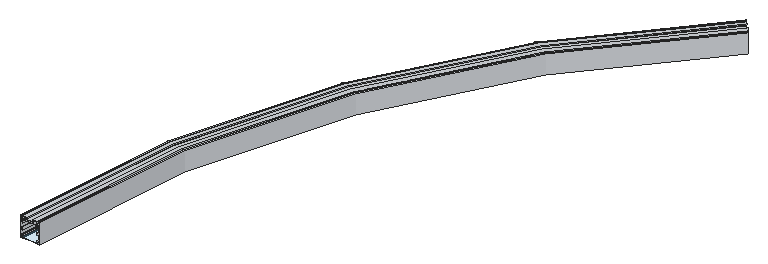
Revit family "P353508.45", category Luminarias, Revit 2019
Family settings
  Cota de conector redondo = Diámetro de uso
  Tipo de pieza = Normal
  Se basa en plano de trabajo = Sí
  Siempre vertical = No
  Corte con vacíos al cargar = No
  Origen de luz = No
  Compartido = No
  Punto de cálculo de habitación = No
Parameters (values of type "P353508.45")
  Zone [instance] = ""
  Watt per fixture [instance] = 6.4
  Modelo = "P353508.45"
  Lámpara = "Tablilla"
  Fabricante = "BRILLANT"
  Default Elevation = 0 mm
  Descripción = "PERFIL DE ALUMINIO CURVO PARA SUSPENDER, EMPOTRAR Y SOBREPONER DE 1.17M DE PERFIL CON UN MATERIAL DE ALUMINIO ANODIZADO Y DIMENSIONES DE 35X35MM PESO DE 0.49KG POR PERFIL, TABLILLA LED CON UNA POTENCIA DE 6.4W, TEMPERATURA DE COLOR A BLANCO CALIDO 3000K, CORTE A CADA 800MM/14 LEDs, 6500lm/pcs, IRC 80, ALIMENTADO A 24V. REQUIERE ACCESORIOS."
  Costo USD_P353508.45 [instance] = 25.98
  Costo = 0
  Comentarios de vataje = "24V"
  Circuit [instance] = ""
  Ancho = 35 mm
  Altura = 35 mm
Reference planes
  plane 1 "Centro (Frontal/Posterior)": y = 0
  plane 2: z = 0
  plane 3 "Centro (Izquierda/Derecha)": x = 0
  plane 4: x = 0
  plane 5: z = 35
Forms (mm)
  Sweep 1, solid
    path origin (1500, 0, 0) x (1, 0, 0) y (0, 1, 0)
      loop
        arc (-1058.733, 1060.084) -> (-1384.847, 573.866) -> (-1499.998, -0.153) r 1500
    profile origin (115.153, 573.866, 0) x (0.923232, -0.384244, 0) y (0, 0, 1)
      loop
        line (8.748, 31.312) -> (-8.748, 31.312) -> (-8.748, 33.234) -> (-5.439, 33.234) -> (-5.439, 35) -> (-12.591, 35) -> (-12.591, 31.312) -> (-14.923, 31.312) -> (-14.923, 33.798) -> (-15.765, 35) -> (-16.623, 35) -> (-17.5, 34.123) -> (-17.5, 0) -> (-13.502, 0) -> (-13.502, 0.8) -> (-14.667, 0.8) -> (-14.667, 1.6) -> (-12.785, 1.6) -> (-12.785, 2.494) -> (-15.031, 2.494) -> (-15.031, 3.616) -> (-12.785, 3.616) -> (-12.785, 4.416) -> (-16.669, 4.416) -> (-16.669, 13.495) -> (-12.25, 13.495) -> (-12.25, 17.356) -> (-13.05, 17.356) -> (-13.05, 16.401) -> (-16.669, 16.401) -> (-16.669, 25.28) -> (-13.162, 25.28) -> (-13.162, 24.164) -> (-12.25, 24.164) -> (-12.25, 26.726) -> (-16.669, 26.726) -> (-16.669, 28.95) -> (16.669, 28.95) -> (16.669, 26.726) -> (12.25, 26.726) -> (12.25, 24.164) -> (13.162, 24.164) -> (13.162, 25.28) -> (16.669, 25.28) -> (16.669, 16.401) -> (13.05, 16.401) -> (13.05, 17.356) -> (12.25, 17.356) -> (12.25, 13.495) -> (16.669, 13.495) -> (16.669, 4.416) -> (12.785, 4.416) -> (12.785, 3.616) -> (15.031, 3.616) -> (15.031, 2.494) -> (12.785, 2.494) -> (12.785, 1.6) -> (14.667, 1.6) -> (14.667, 0.8) -> (13.502, 0.8) -> (13.502, 0) -> (17.5, 0) -> (17.5, 34.123) -> (16.623, 35) -> (15.765, 35) -> (14.923, 33.798) -> (14.923, 31.312) -> (12.591, 31.312) -> (12.591, 35) -> (5.439, 35) -> (5.439, 33.234) -> (8.748, 33.234) -> (8.748, 31.312)
  Sweep 2, solid, material "Cristal"
    path origin (1500, 0, -3.649) x (1, 0, 0) y (0, 1, 0)
      loop
        arc (-1059.017, 1059.801) -> (-1385.375, 572.598) -> (-1500, -2.5) r 1500
    profile origin (114.625, 572.598, -3.649) x (0.923583, -0.383398, 0) y (0, 0, 1)
      loop
        line (-14.667, 5.249) -> (-14.667, 4.449) -> (14.667, 4.449) -> (14.667, 5.249) -> (-14.667, 5.249)
Dimensions and locks
  "Altura": plane 5 to plane 2
  aligned and locked: level to plane 2
Automatic sketch dimensions
  Sweep 1 sketch curve to level = 0 mm  (x2)
  profile plane to Sweep 1 sketch curve = 17.5 mm
  Sweep 1 sketch curve to Sweep 1 sketch curve = 0.831 mm
  Sweep 1 sketch curve to Sweep 1 sketch curve = 0 mm  (x6)
  Sweep 1 sketch curve to Sweep 1 sketch curve = 0.877 mm  (x2)
  Sweep 1 sketch curve to Sweep 1 sketch curve = 0.859 mm  (x2)
  Sweep 1 sketch curve to Sweep 1 sketch curve = 1.639 mm  (x2)
  Sweep 1 sketch curve to Sweep 1 sketch curve = 0.842 mm  (x2)
  level to Sweep 1 sketch curve = 0.8 mm  (x2)
  Sweep 1 sketch curve to Sweep 1 sketch curve = 0.364 mm  (x2)
  Sweep 1 sketch curve to Sweep 1 sketch curve = 1.164 mm  (x2)
  Sweep 1 sketch curve to Sweep 1 sketch curve = 3.508 mm
  Sweep 1 sketch curve to Sweep 1 sketch curve = 3.619 mm  (x2)
  Sweep 1 sketch curve to Sweep 1 sketch curve = 0.717 mm  (x2)
  Sweep 1 sketch curve to Sweep 1 sketch curve = 2.332 mm  (x2)
  Sweep 1 sketch curve to Sweep 1 sketch curve = 0.912 mm  (x2)
  Sweep 1 sketch curve to Sweep 1 sketch curve = 0.8 mm  (x5)
  Sweep 1 sketch curve to Sweep 1 sketch curve = 3.843 mm  (x2)
  Sweep 1 sketch curve to Sweep 1 sketch curve = 3.309 mm  (x2)
  Sweep 1 sketch curve to profile plane = 5.439 mm
  Sweep 1 sketch curve to Sweep 1 sketch curve = 3.502 mm
  level to Sweep 1 sketch curve = 2.494 mm
  Sweep 1 sketch curve to Sweep 1 sketch curve = 0.535 mm
  Sweep 1 sketch curve to Sweep 1 sketch curve = 1.746 mm
  Sweep 1 sketch curve to Sweep 1 sketch curve = 0.894 mm  (x2)
  Sweep 1 sketch curve to Sweep 1 sketch curve = 1.123 mm  (x2)
  Sweep 1 sketch curve to Sweep 1 sketch curve = 9.079 mm  (x2)
  Sweep 1 sketch curve to Sweep 1 sketch curve = 2.906 mm  (x2)
  Sweep 1 sketch curve to Sweep 1 sketch curve = 0.955 mm  (x2)
  Sweep 1 sketch curve to Sweep 1 sketch curve = 6.808 mm  (x2)
  Sweep 1 sketch curve to Sweep 1 sketch curve = 1.116 mm  (x2)
  Sweep 1 sketch curve to Sweep 1 sketch curve = 1.446 mm  (x2)
  Sweep 1 sketch curve to Sweep 1 sketch curve = 2.225 mm
  Sweep 1 sketch curve to Sweep 1 sketch curve = 4.586 mm
  Sweep 1 sketch curve to Sweep 1 sketch curve = 2.362 mm
  Sweep 1 sketch curve to Sweep 1 sketch curve = 1.921 mm  (x2)
  Sweep 1 sketch curve to Sweep 1 sketch curve = 2.485 mm  (x2)
  Sweep 1 sketch curve to Sweep 1 sketch curve = 0.326 mm  (x2)
  Sweep 1 sketch curve to Sweep 1 sketch curve = 1.202 mm  (x3)
  Sweep 1 sketch curve to Sweep 1 sketch curve = 1.766 mm
  profile plane to Sweep 2 sketch curve = 4.449 mm
  Sweep 2 sketch curve to profile plane = 14.667 mm
  profile plane to Sweep 2 sketch curve = 5.249 mm
  profile plane to Sweep 2 sketch curve = 14.667 mm
  plane 1 "Centro (Frontal/Posterior)" to Sweep 1 sketch curve = 2.5 mm
  plane 3 "Centro (Izquierda/Derecha)" to Sweep 1 sketch curve = 1500 mm
  plane 3 "Centro (Izquierda/Derecha)" to Sweep 1 sketch curve = 441.267 mm
  plane 3 "Centro (Izquierda/Derecha)" to Sweep 1 sketch curve = 0.002 mm
  plane 1 "Centro (Frontal/Posterior)" to Sweep 1 sketch curve = 0.153 mm
  Sweep 2 sketch curve to plane 3 "Centro (Izquierda/Derecha)" = 0 mm
  plane 1 "Centro (Frontal/Posterior)" to Sweep 2 sketch curve = 2.5 mm
  plane 3 "Centro (Izquierda/Derecha)" to Sweep 2 sketch curve = 1500 mm
  plane 3 "Centro (Izquierda/Derecha)" to Sweep 2 sketch curve = 440.983 mm
Connectors
  electrical at (0.002, -0.153, 18.61)
    settings: on Sweep 1, index 1, voltage 24 V, apparent load 0 VA, apparent load phase1 0 VA, apparent load phase2 0 VA, apparent load phase3 0 VA, power factor 1, load classification "Otro", number of poles 1, system type 31, power factor state 1, is connector primary yes, connector utility no, sub classification motor no, connector description ""
